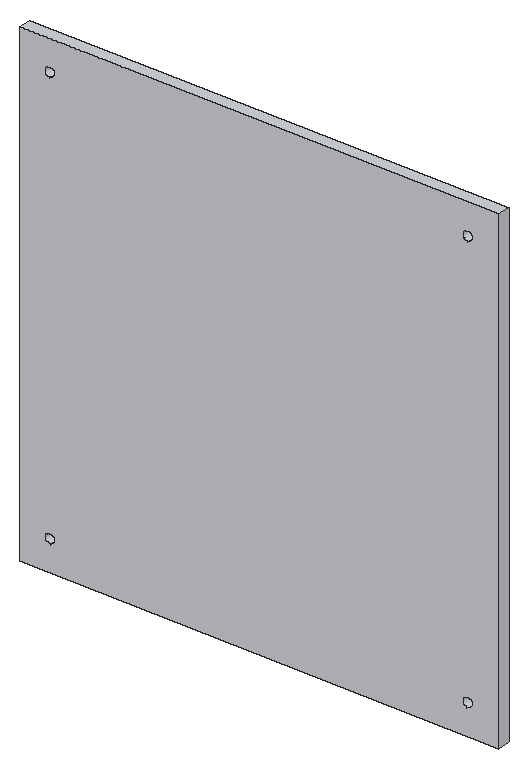
Revit family "AX6865P-300X300_0010", category Appareils sanitaires, Revit 2016
Family settings
  Hôte = Mur
  Type d'élément = Normal
  Cote de connecteur circulaire = Utiliser le diamètre
  Numéro OmniClass = 23.75.00.00
  Titre OmniClass = Climate Control (HVAC)
  Toujours verticalement = Oui
  Couper avec des vides une fois chargée = Non
  Partagée = Non
  Point de calcul de pièce = Non
Parameters (values of type "Type 1")
  URL = "https://www.axeuro.com/fr/miroirs-incassables-tout-en-inox/25476-miroir-ax6865p-300x300.html"
  Type de produit / Type of product = "Miroir incassable / Unbreakable mirror"  # constant formula
  Référence / Reference = "AX6865P-300X300"  # constant formula
  Model = ""
  Manufacturer = ""
  Entreprise / Company = "Axeuro"  # constant formula
  Description = ""
Reference planes
  plane 1 "Mur": y = 0
  plane 2 "Centre (gauche/droite)": x = 0
  plane 3 "Arrière": y = 75
Forms (mm)
  Extrusion 1, solid
    sketch origin (1764.616, 75, 1806.609) x (0, 0, 1) y (-1, 0, 0)
      loop
        line (19.008, 1914.616) -> (-280.992, 1914.616) -> (-280.992, 1614.616) -> (19.008, 1614.616) -> (19.008, 1914.616)
    from -8 to 0
  Extrusion 2, void
    sketch origin (1911.54, 75, 1806.616) x (0, 0, 1) y (-1, 0, 0)
      loop
        circle (0, 1780.54) r 3
    from -8 to 0
  Extrusion 3, void
    sketch origin (-47, 75, -195) x (1, 0, 0) y (0, 0, 1)
      loop
        circle (178, 2001.616) r 5
    from -8 to -7.08
  Extrusion 4, void
    sketch origin (-1911.54, 75, 1806.616) x (0, 0, 1) y (-1, 0, 0)
      loop
        circle (0, -1780.54) r 3
    from -8 to 0
  Extrusion 5, void
    sketch origin (47, 75, -195) x (-1, 0, 0) y (0, 0, -1)
      loop
        circle (178, -2001.616) r 5
    from -8 to -7.08
  Extrusion 6, void
    sketch origin (1911.54, 75, 1544.616) x (0, 0, -1) y (1, 0, 0)
      loop
        circle (0, -1780.54) r 3
    from -8 to 0
  Extrusion 7, void
    sketch origin (-47, 75, 3546.233) x (1, 0, 0) y (0, 0, 1)
      loop
        circle (178, -2001.616) r 5
    from -8 to -7.08
  Extrusion 8, void
    sketch origin (-1911.54, 75, 1544.616) x (0, 0, -1) y (1, 0, 0)
      loop
        circle (0, 1780.54) r 3
    from -8 to 0
  Extrusion 9, void
    sketch origin (47, 75, 3546.233) x (-1, 0, 0) y (0, 0, -1)
      loop
        circle (178, 2001.616) r 5
    from -8 to -7.08
Cuts and joins
  Extrusion 2, Extrusion 3, Extrusion 4, Extrusion 5, Extrusion 6, Extrusion 7, Extrusion 8, Extrusion 9 cuts Extrusion 1
Text (mm)
  text "Côté de la mise en place" at (-1820.995, 1116.779, 0), in view "Niveau de réf."
  text "Côté de la mise en place" at (0, 1334.055, 2976.191), in view "Gauche"
  text "Côté de la mise en place" at (0, 439.194, 2944.362), in view "Droite"
Dimensions and locks
  locked: plane 3 "Arrière" to host wall
  aligned and locked: plane 1 "Mur" to host wall
